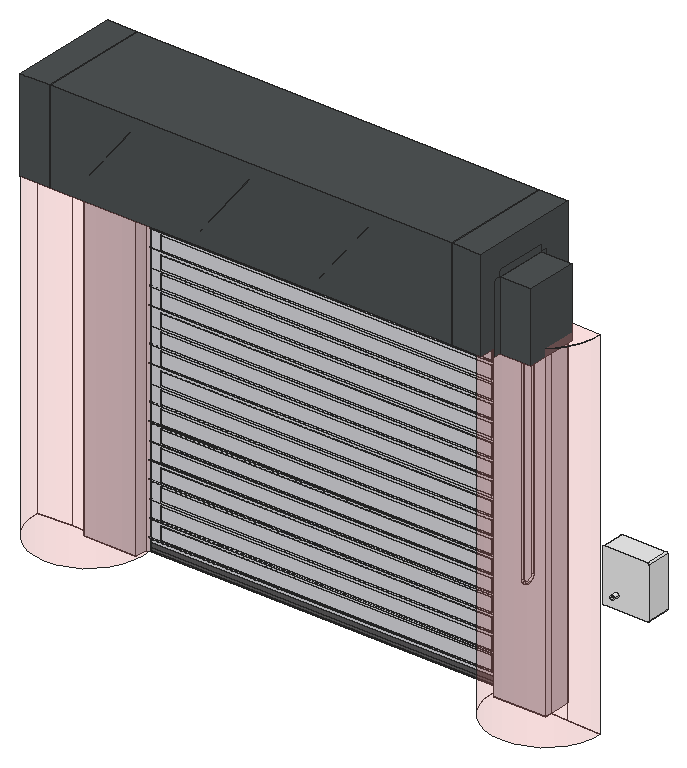
Revit family "Doors_Garage_Overhead-Door-Corporation_RapidView-High-Speed-Exterior-Metal-Door-999_new_", category Specialty Equipment, host Wall, Revit 2019
Family settings
  Host = Wall
  Round Connector Dimension = Use Diameter
  Part Type = Normal
  OmniClass Number = 23.30.10.21.34
  OmniClass Title = Industrial Doors
  Always vertical = Yes
  Cut with Voids When Loaded = No
  Shared = No
  Room Calculation Point = No
Parameters (values of type "230 volts, three phase, 60 Hz (208-245V range)")
  True Width [instance] = [Door Width (Real)]  # 10' - 0"
  True Height [instance] = [Door Height (Real)]  # 10' - 0"
  Slat Type [instance] = if(or(Slat Option < 1, Slat Option = 1), "Perforated Aluminum Slats", "Polycarbonate Panels")  # "Perforated Aluminum Slats"
  Slat Option [instance] = 1
  Slat Material = Metal - Overhead Door - Silver
  Slat Height = 0' - 5 13/16"  # constant formula
  Real Width [instance] = roundup([Door Width (Real)] / 1' 0")  # 10
  Product Page URL = "https://www.overheaddoor.com/high-speed-doors-999"
  Powder Coat (Note) = "PowderGuard® Premium powder coat options are available in approximately 200 colors as well as custom matching to specification. "  # constant formula
  Number of Slats [instance] = roundup(([Door Height (Real)] - [Bottom Rail (Width)]) / Slat Height)  # 20
  Motor Cover [instance] = yes
  Lookup Table = "Door Limits"  # constant formula
  Hood Option [instance] = yes
  Hood Material = Metal - Overhead Door - Black
  Headroom Height [instance] = if(or(Header Option < 1, Header Option = 1), 2' 8", 3' 2")  # 2' - 8"
  Header Type [instance] = if(or(Header Option < 1, Header Option = 1), "Standard Header", "Large Header")  # "Standard Header"
  Header Option [instance] = if(or(True Height < 15' 0", True Height = 15' 0"), 1, 2)  # 1
  Guide Type [instance] = if(or(Guide Option < 1, Guide Option = 1), "Wide Guide - Non-Insulated", "Slim Guide - Non-Insulated")  # "Wide Guide - Non-Insulated"
  Guide Option [instance] = 1
  External Transformer = no
  Door Width (Real) [instance] = if(Door Width > Max Door Width, Max Door Width, if(Door Width < Min Door Width, Min Door Width, Door Width))  # 10' - 0"
  Door Height (Real) [instance] = if(Door Height > Max Door Height, Max Door Height, if(Door Height < Min Door Height, Min Door Height, Door Height))  # 10' - 0"
  Rough Width [instance] = [Door Width (Real)]  # 10' - 0"
  Rough Height [instance] = [Door Height (Real)] - 0' 1 1/4"  # 9' - 10 3/4"
  Opening Width [instance] = Rough Width  # 10' - 0"
  Opening Height [instance] = Rough Height  # 9' - 10 3/4"
  Voltage = 230 V
  URL = "https://www.overheaddoor.com/"
  Product data url = "https://www.bimobject.com/overhead-door/product/high-speed-exterior-metal-door-999"
  Product Guid = "43756f85-a70e-4d2b-9fa5-82196fc7ed30"
  Power Factor = 1
  Number of Poles = 3
  Model = "999"  # constant formula
  Min Door Width [instance] = 4' - 0"  # constant formula
  Min Door Height [instance] = 2' - 0"  # constant formula
  Max Door Width [instance] = 20' - 0"  # constant formula
  Max Door Height [instance] = if(and(Slat Option > 1, Guide Option < 2), size_lookup(Lookup Table, "A", 21' 0", Real Width), if(and(Slat Option > 1, Guide Option > 1), size_lookup(Lookup Table, "B", 21' 0", Real Width), if(and(Slat Option < 2, Guide Option < 2), size_lookup(Lookup Table, "C", 21' 0", Real Width), size_lookup(Lookup Table, "D", 21' 0", Real Width))))  # 21' - 0"
  Manufacturer = "Overhead Door Corporation"  # constant formula
  Frequency = 60 Hz  # constant formula
  Wall Closure = By host
  Floor To (CL) of Shaft [instance] = if(or(Header Option < 1, Header Option = 1), Opening Height + 1' 4", Opening Height + 1' 7 161/256")  # 11' - 2 3/4"
  Dimensions Limit (Note) [instance] = "Maximum Height dependant on Width input, see specifications for further detail"  # constant formula
  Connector Description = "Rapidflex Large Control Panel"  # constant formula
  Finish Material = Metal - Overhead Door - Silver
  Door Width [instance] = 10' - 0"
  Door Height [instance] = 10' - 0"
  Description = "Sleek and sophisticated RapidView® Model 999 is a full view door featuring scratch-resistant polycarbonate panels with opening speeds up to 80” per second. Engineered for high cycles and easy operation, RapidView® Model 999 has been independently tested and is capable of wind load up to 50 psf*. The simple install and low maintenance add to the attractiveness of the door and features completely hinged guides, fully assembled curtains and pre-wired motor connection. RapidView® Model 999 is perfect for high traffic applications requiring aesthetic appeal and visibility."  # constant formula
  Current = 20 A
  Clearance [instance] = yes
  Center Stiles [instance] = if(or(True Width < 12' 6", True Width = 12' 6"), 1 = 2, 1 = 1)  # no
  Bottom Rail (Width) = 0' - 9 3/8"  # constant formula
  Backroom Depth [instance] = if(or(Header Option < 1, Header Option = 1), 3' 0 1/2", 3' 6 1/2")  # 3' - 0 1/2"
  Apparent Load Phase 3 = if(Number of Poles = 1, 0 VA, (Voltage * Current * sqrt(3)) / 3)  # 2655.81 VA
  Apparent Load Phase 2 = if(Number of Poles = 1, 0 VA, (Voltage * Current * sqrt(3)) / 3)  # 2655.81 VA
  Apparent Load Phase 1 = if(Number of Poles = 1, Voltage * Current, (Voltage * Current * sqrt(3)) / 3)  # 2655.81 VA
  Actual Number of Slats [instance] = roundup(([Door Height (Real)] - [Bottom Rail (Width)]) / Slat Height + 1)  # 21
Reference planes (in)
  plane 1 "Center (Front/Back)": y = 0
  plane 2 "Center (Left/Right)": x = 0
  plane 3 "Left": x = -60
  plane 4 "Right": x = 60
  plane 5 "Top": z = 120
  plane 6 "Exterior": y = 3
  plane 7 "Interior": y = -3
  plane 8: x = 60
  plane 9: x = -60
  plane 10: z = 118.75
  plane 11: z = 150.75
  plane 12 "Main": y = -7.11719
  plane 13: y = -39.5
  plane 14 "Bottom Rail": z = 9.375
  plane 15 "Main Door Block": y = -3
  plane 16: z = 47.47
  plane 17: z = 2.5
  plane 18: y = -7.61719
  plane 19: y = -6.61719
  plane 20 "1st Bottom Slat": z = 2.5
  plane 21: z = 79.125
  plane 22: z = 15.1875
  plane 23: z = 3.5625
  plane 24: x = -20
  plane 25: x = 20
  plane 26: x = -60
  plane 27: x = 60
Forms (in)
  Extrusion 1, solid, material "Plastic - Overhead Door - Nylon"
    sketch origin (0, 0, 0) x (0, 1, 0) y (0, 0, 1)
      loop
        line (-7.61719, 2.5) -> (-7.61719, 1.064) -> (-7.73131, 0.25198) -> (-7.93536, 0) -> (-6.29902, 0) -> (-6.50307, 0.25198) -> (-6.61719, 1.064) -> (-6.61719, 2.5) -> (-7.61719, 2.5)
    from -60 to 60
  Extrusion 2, solid, material "Metal - Overhead Door - Clear", visible <- "Center Stiles"
    sketch origin (0, -7.11719, 0) x (0, 0, -1) y (-1, 0, 0)
      loop
        line (-2.5, 21) -> (-120, 21) -> (-120, 19) -> (-2.5, 19) -> (-2.5, 21)
      loop
        line (-2.5, -19) -> (-120, -19) -> (-120, -21) -> (-2.5, -21) -> (-2.5, -19)
    from -0.692 to 0.68698
Lines and regions (in)
  Opening 1
    outline origin (-90, -3, 0) x (1, 0, 0) y (0, 0, 1)
      loop
        line (30, 0) -> (150, 0) -> (150, 118.75) -> (30, 118.75) -> (30, 0)
Text (in)
  text "Exterior" at (-74.96733, 27.31104, 0), in view "Ref. Level"
  text "Interior" at (-74.96733, -25.14366, 0), in view "Ref. Level"
  text "Exterior" at (0, 40.15149, 123.01588), in view "Right"
  text "Interior" at (0, -64.39139, 123.01588), in view "Right"
  text "Interior" at (0, -31.01599, 123.00693), in view "Left"
  text "Exterior" at (0, 54.57065, 123.00693), in view "Left"
Dimensions and locks (in)
  equal spacing: plane 3 "Left", plane 2 "Center (Left/Right)", plane 4 "Right"
  "Door Height (Real)": level to plane 5 "Top"
  "Door Width (Real)": plane 3 "Left" to plane 4 "Right"
  host wall to plane 5 "Top" = 10' - 0"
  level to host wall = 38' - 3.59655"
  "Rough Height": level to plane 10
  equal spacing: plane 9, plane 2 "Center (Left/Right)", plane 8
  "Rough Width": plane 8 to plane 9
  "Headroom Height": plane 10 to plane 11
  "Backroom Depth": plane 7 "Interior" to plane 13
  "Bottom Rail (Width)": plane 14 "Bottom Rail" to level
  plane 10 to level = 9' - 10 3/4"
  locked: plane 15 "Main Door Block" to plane 12 "Main" at 4.11719
  plane 1 "Center (Front/Back)" to plane 7 "Interior" = 0' - 3"
  equal spacing: plane 18, plane 12 "Main", plane 19
  locked: plane 18 to plane 19 at 1
  locked: Extrusion 1 sketch curve to Extrusion 1 sketch curve at 0.82  (x2)
  locked: plane 17 to Extrusion 1 sketch curve at 1.436  (x2)
  locked: plane 20 "1st Bottom Slat" to level at 2.5
  "Slat Height": plane 22 to plane 14 "Bottom Rail"
  locked: plane 23 to level at 3.5625
  plane 20 "1st Bottom Slat" to plane 23 = 0' - 1 1/16"
  equal spacing: group 1, group 2, group 3, group 4, group 5, group 6, group 7, group 8, group 9, group 10, group 11, group 12, group 13, group 14, group 15, group 16, group 17, group 18, group 19, group 20  (x3)
  locked: Extrusion 2 sketch curve to Extrusion 2 sketch curve at 2  (x2)
  equal spacing: Extrusion 2 sketch curve, plane 24, Extrusion 2 sketch curve
  equal spacing: Extrusion 2 sketch curve, plane 25, Extrusion 2 sketch curve
  equal spacing: plane 26, plane 24, plane 25, plane 27
  locked: Extrusion 1 sketch curve to Extrusion 1 sketch curve (angle 172.00°)  (x2)
  locked: Extrusion 1 sketch curve to Extrusion 1 sketch curve (angle 149.00°)  (x2)
  aligned and locked: Opening 1 sketch curve to level
  aligned and locked: plane 6 "Exterior" to host wall
  aligned and locked: host wall to plane 7 "Interior"
  aligned and locked: plane 9 to Opening 1 sketch curve
  aligned and locked: plane 8 to Opening 1 sketch curve
  aligned and locked: Opening 1 sketch curve to plane 10
  aligned and locked: Extrusion 1 to plane 4 "Right"
  aligned and locked: plane 3 "Left" to Extrusion 1
  aligned and locked: nested 1 to plane 7 "Interior"
  aligned and locked: nested 1 to plane 2 "Center (Left/Right)"
  aligned and locked: level to nested 1
  aligned and locked: plane 15 "Main Door Block" to plane 7 "Interior"
  aligned and locked: plane 17 to Extrusion 1 sketch curve
  aligned and locked: plane 18 to Extrusion 1 sketch curve
  aligned and locked: plane 19 to Extrusion 1 sketch curve
  aligned and locked: Extrusion 1 sketch curve to level
  aligned and locked: plane 12 "Main" to nested 2
  aligned and locked: nested 3 to plane 23
  aligned and locked: nested 3 to plane 12 "Main"
  aligned and locked: nested 2 to plane 14 "Bottom Rail"
  aligned and locked: nested 4 to plane 22
  aligned and locked: plane 5 "Top" to Extrusion 2 sketch curve
  aligned and locked: plane 20 "1st Bottom Slat" to Extrusion 2 sketch curve
  aligned and locked: plane 26 to plane 9
  aligned and locked: plane 27 to plane 8
  aligned and locked: plane 12 "Main" to nested 22
Automatic sketch dimensions
  Extrusion 2 sketch curve to plane 5 "Top" = 0' - 0"
  Extrusion 2 sketch curve to plane 20 "1st Bottom Slat" = 0' - 0"
Nested families (in)
  nested 1: "Lifts" at (0, -3, 0) x (-1, 0, 0) z (0, 0, 1), Header Option <- "Header Option", Guid Option <- "Guide Option", Header Height <- "Headroom Height", Header Width <- "Backroom Depth", Motor Cover <- "Motor Cover", type "Frame Unit"
    with Spool Radius 1' - 2", Right Motor Position yes, Motor Cover Off no, Motor Cover yes, Masking Region Right Motor no, Header Width 3' - 0 1/2", Header Option 1, Header Height 2' - 8", Guid Width 1' - 5 1/4", Guid Option 1, Floor To (CL) of Shaft 11' - 2 3/4", Electric Operator Position 17' - 1 1/2", Clearance (Wide Guid) yes, Clearance (Slim Guid) no, CL Shaft Offset 1' - 0"
  nested 2: "Slat" at (0, -7.11719, 15.1875) x (1, 0, 0) z (0, 0, -1), Slat Option <- "Slat Option", type "Slat"
    with Standard Slat Bottom Rail no, Standard Slat no, Slat Option 1, Polycarbonate Slat Bottom Rail no, Polycarbonate Slat no, Perforated Slat Bottom Rail no, Perforated Slat yes, Bottom Rail no
  nested 3: "Slat" at (0, -7.11719, 3.5625), Slat Option <- "Slat Option", type "Slat"
    with Standard Slat Bottom Rail no, Standard Slat no, Slat Option 1, Polycarbonate Slat Bottom Rail no, Polycarbonate Slat no, Perforated Slat Bottom Rail yes, Perforated Slat yes, Bottom Rail yes
  nested 4: "Slat" at (0, -7.11719, 21) x (1, 0, 0) z (0, 0, -1), Slat Option <- "Slat Option", type "Slat"
    with Standard Slat Bottom Rail no, Standard Slat no, Slat Option 1, Polycarbonate Slat Bottom Rail no, Polycarbonate Slat no, Perforated Slat Bottom Rail no, Perforated Slat yes, Bottom Rail no
  nested 5: "Slat" at (0, -7.11719, 26.8125) x (1, 0, 0) z (0, 0, -1), Slat Option <- "Slat Option", type "Slat"
    with Standard Slat Bottom Rail no, Standard Slat no, Slat Option 1, Polycarbonate Slat Bottom Rail no, Polycarbonate Slat no, Perforated Slat Bottom Rail no, Perforated Slat yes, Bottom Rail no
  nested 6: "Slat" at (0, -7.11719, 32.625) x (1, 0, 0) z (0, 0, -1), Slat Option <- "Slat Option", type "Slat"
    with Standard Slat Bottom Rail no, Standard Slat no, Slat Option 1, Polycarbonate Slat Bottom Rail no, Polycarbonate Slat no, Perforated Slat Bottom Rail no, Perforated Slat yes, Bottom Rail no
  nested 7: "Slat" at (0, -7.11719, 38.4375) x (1, 0, 0) z (0, 0, -1), Slat Option <- "Slat Option", type "Slat"
    with Standard Slat Bottom Rail no, Standard Slat no, Slat Option 1, Polycarbonate Slat Bottom Rail no, Polycarbonate Slat no, Perforated Slat Bottom Rail no, Perforated Slat yes, Bottom Rail no
  nested 8: "Slat" at (0, -7.11719, 44.25) x (1, 0, 0) z (0, 0, -1), Slat Option <- "Slat Option", type "Slat"
    with Standard Slat Bottom Rail no, Standard Slat no, Slat Option 1, Polycarbonate Slat Bottom Rail no, Polycarbonate Slat no, Perforated Slat Bottom Rail no, Perforated Slat yes, Bottom Rail no
  nested 9: "Slat" at (0, -7.11719, 50.0625) x (1, 0, 0) z (0, 0, -1), Slat Option <- "Slat Option", type "Slat"
    with Standard Slat Bottom Rail no, Standard Slat no, Slat Option 1, Polycarbonate Slat Bottom Rail no, Polycarbonate Slat no, Perforated Slat Bottom Rail no, Perforated Slat yes, Bottom Rail no
  nested 10: "Slat" at (0, -7.11719, 55.875) x (1, 0, 0) z (0, 0, -1), Slat Option <- "Slat Option", type "Slat"
    with Standard Slat Bottom Rail no, Standard Slat no, Slat Option 1, Polycarbonate Slat Bottom Rail no, Polycarbonate Slat no, Perforated Slat Bottom Rail no, Perforated Slat yes, Bottom Rail no
  nested 11: "Slat" at (0, -7.11719, 61.6875) x (1, 0, 0) z (0, 0, -1), Slat Option <- "Slat Option", type "Slat"
    with Standard Slat Bottom Rail no, Standard Slat no, Slat Option 1, Polycarbonate Slat Bottom Rail no, Polycarbonate Slat no, Perforated Slat Bottom Rail no, Perforated Slat yes, Bottom Rail no
  nested 12: "Slat" at (0, -7.11719, 67.5) x (1, 0, 0) z (0, 0, -1), Slat Option <- "Slat Option", type "Slat"
    with Standard Slat Bottom Rail no, Standard Slat no, Slat Option 1, Polycarbonate Slat Bottom Rail no, Polycarbonate Slat no, Perforated Slat Bottom Rail no, Perforated Slat yes, Bottom Rail no
  nested 13: "Slat" at (0, -7.11719, 73.3125) x (1, 0, 0) z (0, 0, -1), Slat Option <- "Slat Option", type "Slat"
    with Standard Slat Bottom Rail no, Standard Slat no, Slat Option 1, Polycarbonate Slat Bottom Rail no, Polycarbonate Slat no, Perforated Slat Bottom Rail no, Perforated Slat yes, Bottom Rail no
  nested 14: "Slat" at (0, -7.11719, 79.125) x (1, 0, 0) z (0, 0, -1), Slat Option <- "Slat Option", type "Slat"
    with Standard Slat Bottom Rail no, Standard Slat no, Slat Option 1, Polycarbonate Slat Bottom Rail no, Polycarbonate Slat no, Perforated Slat Bottom Rail no, Perforated Slat yes, Bottom Rail no
  nested 15: "Slat" at (0, -7.11719, 84.9375) x (1, 0, 0) z (0, 0, -1), Slat Option <- "Slat Option", type "Slat"
    with Standard Slat Bottom Rail no, Standard Slat no, Slat Option 1, Polycarbonate Slat Bottom Rail no, Polycarbonate Slat no, Perforated Slat Bottom Rail no, Perforated Slat yes, Bottom Rail no
  nested 16: "Slat" at (0, -7.11719, 90.75) x (1, 0, 0) z (0, 0, -1), Slat Option <- "Slat Option", type "Slat"
    with Standard Slat Bottom Rail no, Standard Slat no, Slat Option 1, Polycarbonate Slat Bottom Rail no, Polycarbonate Slat no, Perforated Slat Bottom Rail no, Perforated Slat yes, Bottom Rail no
  nested 17: "Slat" at (0, -7.11719, 96.5625) x (1, 0, 0) z (0, 0, -1), Slat Option <- "Slat Option", type "Slat"
    with Standard Slat Bottom Rail no, Standard Slat no, Slat Option 1, Polycarbonate Slat Bottom Rail no, Polycarbonate Slat no, Perforated Slat Bottom Rail no, Perforated Slat yes, Bottom Rail no
  nested 18: "Slat" at (0, -7.11719, 102.375) x (1, 0, 0) z (0, 0, -1), Slat Option <- "Slat Option", type "Slat"
    with Standard Slat Bottom Rail no, Standard Slat no, Slat Option 1, Polycarbonate Slat Bottom Rail no, Polycarbonate Slat no, Perforated Slat Bottom Rail no, Perforated Slat yes, Bottom Rail no
  nested 19: "Slat" at (0, -7.11719, 108.1875) x (1, 0, 0) z (0, 0, -1), Slat Option <- "Slat Option", type "Slat"
    with Standard Slat Bottom Rail no, Standard Slat no, Slat Option 1, Polycarbonate Slat Bottom Rail no, Polycarbonate Slat no, Perforated Slat Bottom Rail no, Perforated Slat yes, Bottom Rail no
  nested 20: "Slat" at (0, -7.11719, 114) x (1, 0, 0) z (0, 0, -1), Slat Option <- "Slat Option", type "Slat"
    with Standard Slat Bottom Rail no, Standard Slat no, Slat Option 1, Polycarbonate Slat Bottom Rail no, Polycarbonate Slat no, Perforated Slat Bottom Rail no, Perforated Slat yes, Bottom Rail no
  nested 21: "Slat" at (0, -7.11719, 119.8125) x (1, 0, 0) z (0, 0, -1), Slat Option <- "Slat Option", type "Slat"
    with Standard Slat Bottom Rail no, Standard Slat no, Slat Option 1, Polycarbonate Slat Bottom Rail no, Polycarbonate Slat no, Perforated Slat Bottom Rail no, Perforated Slat yes, Bottom Rail no
  nested 22: "Slat" at (0, -7.11719, 125.625) x (1, 0, 0) z (0, 0, -1), Slat Option <- "Slat Option", type "Slat"
    with Standard Slat Bottom Rail no, Standard Slat no, Slat Option 1, Polycarbonate Slat Bottom Rail no, Polycarbonate Slat no, Perforated Slat Bottom Rail no, Perforated Slat yes, Bottom Rail no
Connectors (in)
  electrical at (102.74935, -10.54, 48), driven by "Number of Poles", driven by "Voltage", driven by "Power Factor", driven by "Connector Description", driven by "Apparent Load Phase 1", driven by "Apparent Load Phase 2", driven by "Apparent Load Phase 3"
    settings: on nested 1, index 1, voltage 230 V, apparent load 0 VA, apparent load phase1 2655.81 VA, apparent load phase2 2655.81 VA, apparent load phase3 2655.81 VA, power factor 1, load classification "Other", number of poles 3, system type 31, power factor state 1, is connector primary yes, connector utility no, sub classification motor no, connector description "Rapidflex Large Control Panel"
Definition of nested family "Lifts"
  Parameters (values of type "Frame Unit")
    Spool Radius [instance] = if(or(Header Option < 1, Header Option = 1), 1' 2", 1' 5.7")  # 1' - 5.7"
    Shaft Material = none
    Right Motor Position [instance] = yes
    Opening Width = 10' - 0"
    Naked Header = not(Hood Option)  # no
    Motor Cover Off [instance] = not(Motor Cover)  # no
    Motor Cover [instance] = yes
    Masking Region Right Motor [instance] = if(and(Right Motor Position, Motor Cover Off), 1 = 1, 1 = 2)  # no
    Hood Option = yes
    Hood Material = none
    Header Width [instance] = 3' - 6 1/2"
    Header Option [instance] = 2
    Header Height [instance] = 3' - 2"
    Guid Width [instance] = if(Guid Option > 1, 1' 0.63", 1' 5 1/4")  # 1' - 5 1/4"
    Guid Option [instance] = 1
    External Transformer = no
    Electric Operator Position [instance] = if(Right Motor Position, (3' 6 3/4" * 2 + Opening Width), 0' 0")  # 17' - 1 1/2"
    Clearance (Wide Guid) [instance] = if(and(Clearance, Guid Option < 2), 1 < 2, 1 > 2)  # yes
    Clearance (Slim Guid) [instance] = if(and(Clearance, Guid Option > 1), 1 < 2, 1 > 2)  # no
    Clearance = yes
    Opening Height = 9' - 10 3/4"
    Floor To (CL) of Shaft [instance] = if(or(Header Option < 1, Header Option = 1), Opening Height + 1' 4", Opening Height + 1' 7.63")  # 11' - 6.38"
    Finish Material = none
    CL Shaft Offset [instance] = if(or(Header Option < 1, Header Option = 1), 1' 0", 1' 4.53")  # 1' - 4.53"
    Analytic Construction = "<None>"
  Reference planes (in)
    plane 1 "Center (Front/Back)": y = 0
    plane 2: z = 0
    plane 3 "Center (Left/Right)": x = 0
    plane 4 "Left": x = -60
    plane 5 "Right": x = 60
    plane 6 "Center Line of Shaft": z = 138.38
    plane 7 "Headroom Top": z = 156.75
    plane 8 "Opening Height": z = 118.75
    plane 9: x = -87.5
    plane 10 "Shaft": x = -75.54413
    plane 11 "Box": x = -102.74935
    plane 12 "EBOX": z = 48
    plane 13: z = 39.09375
    plane 14: z = 56.90625
    plane 15: z = 43.5
    plane 16: y = 16.53
    plane 17: y = 7.54
    plane 18: x = 72.81
    plane 19: y = 2.73
    plane 20: y = 5.5094
    plane 21: y = 7.25
    plane 22: z = 120
    plane 23: x = -72.81
    plane 24: x = -40
    plane 25: x = -20
    plane 26: x = 0
    plane 27: z = 122.5
    plane 28: z = 154.25
    plane 29: x = 20
    plane 30: x = 40
    plane 31: y = 42.5
    plane 32: x = 87.5
    plane 33: y = 7.28
    plane 34: x = -77.68
    plane 35: x = 77.68
    plane 36: x = 77.25
    plane 37: x = -77.25
    plane 38: x = -94.99935
    plane 39: x = -110.49935
    plane 40 "Center L/MM": x = 75.54413
    plane 41 "Center L/NN": x = 102.75065
  Forms (in)
    Extrusion 1, solid, material <- "Shaft Material"
      sketch origin (0, 0, 0) x (0, 1, 0) y (0, 0, 1)
        loop
          circle (21.25, 138.38) r 0.78
      from -87.5 to 87.5
    Extrusion 2, solid, material <- "Hood Material"
      sketch origin (60, 0, 0) x (0, -1, 0) y (0, 0, 1)
        loop
          circle (-21.25, 138.38) r 17.7
      from -6.97 to -16.504
    Extrusion 3, solid, material <- "Shaft Material"
      sketch origin (0, 0, 138.38) x (-1, 0, 0) y (0, -1, 0)
        loop
          line (-76.504, -16.61) -> (-76.745, -16.61) -> (-76.745, -23.86) -> (-76.504, -23.86) -> (-76.504, -16.61)
        loop
          line (76.504, -16.61) -> (76.504, -23.86) -> (76.745, -23.86) -> (76.745, -16.61) -> (76.504, -16.61)
      from 5.62 to -3
    Extrusion 4, solid
      sketch origin (-1.95651, 0, 0) x (1, 0, 0) y (0, 0, 1)
        loop
          line (-93.54284, 56.90625) -> (-108.04284, 56.90625)
          arc (-108.04284, 56.90625) -> (-108.39639, 56.7598) -> (-108.54284, 56.40625) r 0.5
          line (-108.54284, 56.40625) -> (-108.54284, 39.59375)
          arc (-108.54284, 39.59375) -> (-108.39639, 39.2402) -> (-108.04284, 39.09375) r 0.5
          line (-108.04284, 39.09375) -> (-93.54284, 39.09375)
          arc (-93.54284, 39.09375) -> (-93.18929, 39.2402) -> (-93.04284, 39.59375) r 0.5
          line (-93.04284, 39.59375) -> (-93.04284, 56.40625)
          arc (-93.04284, 56.40625) -> (-93.18929, 56.7598) -> (-93.54284, 56.90625) r 0.5
      from -7.54 to 0
    Revolve 5, solid, visible <- "Right Motor Position"
      sketch origin (-55.03203, -180, 43.5) x (-1, 0, 0) y (0, -1, 0)
        loop
          line (44.35732, -187.54) -> (43.60732, -187.54) -> (43.75732, -189.312) -> (44.35732, -189.312) -> (44.35732, -187.54)
        axis (44.35732, -187.54) -> (44.35732, -189.312)
      angle from 0 to 360
    Extrusion 6, solid, material <- "Finish Material"
      sketch origin (0, 0, 0) x (1, 0, 0) y (0, 1, 0)
        loop
          line (60, 0) -> (77.25, 0) -> (77.25, 9.5) -> (60, 9.5) -> (60, 5.5094) -> (59, 4.80919) -> (59, 3.43021) -> (60, 2.73) -> (60, 0)
        loop
          line (-77.25, 0) -> (-60, 0) -> (-60, 2.73) -> (-59, 3.43021) -> (-59, 4.80919) -> (-60, 5.5094) -> (-60, 9.5) -> (-77.25, 9.5) -> (-77.25, 0)
      from 0 to 120
    Extrusion 7, solid, visible <- "Clearance (Slim Guid)"
      sketch origin (0, 0, 0) x (1, 0, 0) y (0, 1, 0)
        loop
          line (59.00502, 4.81271) -> (60, 5.5094) -> (60, 9.5) -> (72.625, 9.5) -> (72.625, 7.25) -> (72.86879, 7.25) -> (85.75065, 7.92511)
          arc (85.75065, 7.92511) -> (70.70003, 20.78662) -> (59.00502, 4.81271) r 13.50118
        loop
          arc (-59.00502, 4.81271) -> (-70.69873, 20.79785) -> (-85.75065, 7.92511) r 13.50197
          line (-85.75065, 7.92511) -> (-72.86879, 7.25) -> (-72.625, 7.25) -> (-72.625, 9.5) -> (-60, 9.5) -> (-60, 5.5094) -> (-59.00502, 4.81271)
      from 0 to 120
    Extrusion 8, solid, material <- "Hood Material", visible <- "Hood Option"
      sketch origin (0, 0, 0) x (0, 1, 0) y (0, 0, 1)
        loop
          line (0, 120) -> (42.5, 120) -> (42.5, 156.75) -> (0, 156.75) -> (0, 120)
      from -67.475 to 67.475
    Sweep 9, solid, material <- "Hood Material"
      path origin (0, 0, 0) x (0, 1, 0) y (0, 0, 1)
        loop
          line (0, 120) -> (42.5, 120) -> (42.5, 156.75) -> (0, 156.75) -> (0, 120)
      profile origin (0, 0, 138.375) x (0, -1, 0) y (1, 0, 0)
        loop
          line (0, 67.475) -> (0, 77.25) -> (-0.5, 77.25) -> (-0.5, 67.475) -> (0, 67.475)
        loop
          line (0, -67.475) -> (-0.5, -67.475) -> (-0.5, -77.25) -> (0, -77.25) -> (0, -67.475)
    Extrusion 10, solid, material <- "Hood Material"
      sketch origin (0, 0, 0) x (1, 0, 0) y (0, 1, 0)
        loop
          line (77.25, 0) -> (77.25, 42.5) -> (76.745, 42.5) -> (76.745, 0) -> (77.25, 0)
        loop
          line (-77.25, 0) -> (-76.745, 0) -> (-76.745, 42.5) -> (-77.25, 42.5) -> (-77.25, 0)
      from 120 to 156.75
    Extrusion 11, solid, material <- "Hood Material"
      sketch origin (0, 0, 0) x (0, 1, 0) y (0, 0, 1)
        loop
          line (0.5, 120.5) -> (2.5, 120.5) -> (2.5, 124.5) -> (0.5, 124.5) -> (0.5, 120.5)
        loop
          line (0.5, 156.25) -> (0.5, 152.25) -> (2.5, 152.25) -> (2.5, 156.25) -> (0.5, 156.25)
        loop
          line (42, 156.25) -> (40, 156.25) -> (40, 152.25) -> (42, 152.25) -> (42, 156.25)
        loop
          line (42, 120.5) -> (42, 124.5) -> (40, 124.5) -> (40, 120.5) -> (42, 120.5)
      from -76.745 to 76.745
    Sweep 12, solid, material <- "Hood Material"
      path origin (0, 0, 0) x (1, 0, 0) y (0, 0, 1)
        loop
          line (-60, 121.5) -> (-60, 122.5) -> (-40, 154.25) -> (-20, 122.5) -> (0, 154.25) -> (20, 122.5) -> (40, 154.25) -> (60, 122.5) -> (60, 121.5)
      profile origin (-60, 0, 122) x (-1, 0, 0) y (0, -1, 0)
        loop
          line (1, -0.5) -> (-1, -0.5) -> (-1, -2.5) -> (1, -2.5) -> (1, -0.5)
        loop
          line (1, -40) -> (-1, -40) -> (-1, -42) -> (1, -42) -> (1, -40)
    Extrusion 13, void
      sketch origin (0, 0, 0) x (1, 0, 0) y (0, 0, 1)
        loop
          line (-78.35432, 152.25) -> (80.245, 152.25) -> (80.245, 186.25) -> (-78.35432, 186.25) -> (-78.35432, 152.25)
        loop
          line (80.245, 105.5) -> (80.245, 124.5) -> (-78.35432, 124.5) -> (-78.35432, 105.5) -> (80.245, 105.5)
      from 0 to -42.5
    Extrusion 14, solid, visible <- "Clearance (Wide Guid)"
      sketch origin (0, 0.03, 0) x (1, 0, 0) y (0, 1, 0)
        loop
          arc (-59, 4.77919) -> (-74.94522, 26.56962) -> (-94.4, 7.84572) r 17.92829
          line (-94.4, 7.84572) -> (-83.03307, 7.25) -> (-77.495, 7.25) -> (-77.495, 9.5) -> (-60, 9.5) -> (-60, 5.4794) -> (-59, 4.77919)
        loop
          line (59, 4.77919) -> (60, 5.4794) -> (60, 9.5) -> (77.495, 9.5) -> (77.495, 7.25) -> (83.03307, 7.25) -> (94.4, 7.84572)
          arc (94.4, 7.84572) -> (74.94522, 26.56962) -> (59, 4.77919) r 17.92829
      from 0 to 120
    Extrusion 15, solid, material <- "Hood Material"
      sketch origin (-60, -60, 48) x (0, -1, 0) y (0, 0, 1)
        loop
          circle (-81.25, 90.38) r 17.7
      from 6.97 to 16.504
    Extrusion 16, solid, visible <- "External Transformer"
      sketch origin (0, 0, 48) x (1, 0, 0) y (0, 1, 0)
        loop
          line (-109.62435, 0) -> (-95.87435, 0) -> (-95.87435, 0.125) -> (-98.24935, 0.125) -> (-98.24935, 9.3125) -> (-107.24935, 9.3125) -> (-107.24935, 0.125) -> (-109.62435, 0.125) -> (-109.62435, 0)
      from -19.13 to -10
  Cuts and joins
    joined: Sweep 9, Extrusion 10
    Extrusion 13 cuts Sweep 12
  Lines and regions (in)
    Masking region 1
      outline origin (0, 0, 0) x (1, 0, 0) y (0, 1, 0)
        loop
          line (-110.49935, 0) -> (-94.99935, 0) -> (-94.99935, 7.54) -> (-110.49935, 7.54) -> (-110.49935, 0)
    Masking region 2, visible <- "Right Motor Position"
      outline origin (0, 0, 0) x (1, 0, 0) y (0, 1, 0)
        loop
          line (-98.63935, 7.54) -> (-98.78935, 9.312) -> (-99.98935, 9.312) -> (-100.13935, 7.54) -> (-98.63935, 7.54)
    Masking region 3, visible <- "Naked Header"
      outline origin (0, 0, 0) x (1, 0, 0) y (0, 1, 0)
        loop
          line (-77.25, 42.5) -> (-77.25, 0) -> (-67.475, 0) -> (-67.475, 3.55) -> (-66.97, 3.55) -> (-66.97, 38.95) -> (-67.475, 38.95) -> (-67.475, 42.5) -> (-77.25, 42.5)
        loop
          line (67.475, 42.5) -> (67.475, 38.95) -> (66.97, 38.95) -> (66.97, 3.55) -> (67.475, 3.55) -> (67.475, 0) -> (77.25, 0) -> (77.25, 42.5) -> (67.475, 42.5)
    Masking region 4, visible <- "Naked Header"
      outline origin (0, 0, 0) x (1, 0, 0) y (0, 1, 0)
        loop
          line (67.475, 2.5) -> (-67.475, 2.5) -> (-67.475, 0.5) -> (67.475, 0.5) -> (67.475, 2.5)
        loop
          line (-66.97, 22.03) -> (-66.97, 20.47) -> (66.97, 20.47) -> (66.97, 22.03) -> (-66.97, 22.03)
        loop
          line (-67.475, 40) -> (67.475, 40) -> (67.475, 42) -> (-67.475, 42) -> (-67.475, 40)
    Masking region 5, visible <- "Naked Header"
      outline origin (0, 0, 0) x (1, 0, 0) y (0, 1, 0)
        loop
          line (-77.25, 9.5) -> (-77.25, 0) -> (-60, 0) -> (-60, 2.73) -> (-59, 3.43021) -> (-59, 4.80919) -> (-60, 5.5094) -> (-60, 9.5) -> (-77.25, 9.5)
        loop
          line (60, 0) -> (77.25, 0) -> (77.25, 9.5) -> (60, 9.5) -> (60, 5.5094) -> (59, 4.80919) -> (59, 3.43021) -> (60, 2.73) -> (60, 0)
    Masking region 6, visible <- "Hood Option"
      outline origin (0, 0, 0) x (1, 0, 0) y (0, 1, 0)
        loop
          line (77.25, 42.5) -> (-77.25, 42.5) -> (-77.25, 0) -> (77.25, 0) -> (77.25, 42.5)
    Masking region 7, visible <- "Naked Header"
      outline origin (0, 0, 0) x (1, 0, 0) y (0, 1, 0)
        loop
          line (-59.1721, 4.9297) -> (-59, 4.80919) -> (-59, 3.43021) -> (-59.1721, 3.3097) -> (59.1721, 3.3097) -> (59, 3.43021) -> (59, 4.80919) -> (59.1721, 4.9297) -> (-59.1721, 4.9297)
    Masking region 8, visible <- "Masking Region Right Motor"
      outline origin (0, 0, 0) x (1, 0, 0) y (0, 1, 0)
        loop
          line (-77.25, 22.03) -> (-79.18006, 22.03) -> (-79.18006, 21.92998) -> (-80.41413, 21.92998) -> (-80.41413, 22.03) -> (-81.009, 22.03) -> (-81.009, 21.43043) -> (-80.479, 21.43043) -> (-80.479, 20.47) -> (-77.25, 20.47) -> (-77.25, 22.03)
        loop
          line (-87.5, 22.03) -> (-87.5, 20.47) -> (-85.479, 20.47) -> (-85.479, 21.43043) -> (-84.949, 21.43043) -> (-84.949, 22.03) -> (-87.5, 22.03)
    Masking region 9, visible <- "Right Motor Position"
      outline origin (0, 0, 0) x (1, 0, 0) y (0, 1, 0)
        loop
          line (87.5, 22.03) -> (77.25, 22.03) -> (77.25, 20.47) -> (87.5, 20.47) -> (87.5, 22.03)
    Masking region 10, visible <- "External Transformer"
      outline origin (0, 0, 0) x (1, 0, 0) y (0, 1, 0)
        loop
          line (-107.24935, 7.54) -> (-98.24935, 7.54) -> (-98.24935, 9.3125) -> (-107.24935, 9.3125) -> (-107.24935, 7.54)
    symbolic lines
      curve 1: line (-67.475, 42.5, 0) -> (-67.475, 0, 0)
      curve 2: line (67.475, 0, 0) -> (67.475, 42.5, 0)
  Dimensions and locks (in)
    equal spacing: plane 4 "Left", plane 3 "Center (Left/Right)", plane 5 "Right"
    "Opening Width": plane 4 "Left" to plane 5 "Right"
    "Header Height": plane 7 "Headroom Top" to plane 8 "Opening Height"
    "Opening Height": plane 8 "Opening Height" to level
    locked: plane 9 to plane 4 "Left" at 27.5
    locked: Extrusion 3 sketch curve to Extrusion 3 sketch curve at 0.241  (x2)
    locked: level to plane 12 "EBOX" at 48
    locked: plane 11 "Box" to Revolve 5 sketch curve at 3.36
    equal spacing: plane 14, plane 12 "EBOX", plane 13
    locked: plane 12 "EBOX" to plane 15 at 4.5
    locked: plane 13 to plane 14 at 17.8125
    locked: plane 10 "Shaft" to plane 4 "Left" at 15.54413
    locked: plane 16 to Extrusion 1 sketch curve at 4.72
    locked: plane 16 to Extrusion 2 sketch curve at 4.72
    locked: plane 16 to Extrusion 3 sketch curve at 0.08  (x2)
    locked: plane 16 to Extrusion 3 sketch curve at 7.33  (x2)
    locked: plane 17 to plane 1 "Center (Front/Back)" at 7.54
    locked: Revolve 5 sketch curve to Revolve 5 sketch curve at 0.6
    locked: Revolve 5 sketch curve to Revolve 5 sketch curve at 0.75
    locked: plane 17 to Revolve 5 sketch curve at 1.772
    "Guid Width": Extrusion 6 sketch curve to plane 4 "Left"
    "Guid Width": plane 5 "Right" to Extrusion 6 sketch curve
    locked: plane 1 "Center (Front/Back)" to plane 19 at 2.73
    locked: plane 1 "Center (Front/Back)" to plane 20 at 5.5094
    locked: Extrusion 6 sketch curve to plane 5 "Right" at 1
    locked: plane 4 "Left" to Extrusion 6 sketch curve at 1
    locked: plane 1 "Center (Front/Back)" to Extrusion 6 sketch curve at 9.5  (x2)
    locked: plane 21 to Extrusion 7 sketch curve at 2.25  (x2)
    locked: plane 1 "Center (Front/Back)" to plane 21 at 7.25
    "Header Width": plane 1 "Center (Front/Back)" to Extrusion 8 sketch curve
    locked: Extrusion 8 to plane 4 "Left" at 7.475
    locked: plane 5 "Right" to Extrusion 8 at 7.475
    locked: plane 22 to plane 8 "Opening Height" at 1.25
    "Header Width": plane 1 "Center (Front/Back)" to Sweep 9 sketch curve
    locked: plane 5 "Right" to Sweep 9 sketch curve at 7.475
    locked: Sweep 9 sketch curve to profile plane at 0.5
    "Header Width": plane 1 "Center (Front/Back)" to Extrusion 10 sketch curve  (x2)
    locked: Extrusion 7 sketch curve to plane 18 at 0.185
    locked: plane 23 to Extrusion 7 sketch curve at 0.185
    locked: Sweep 12 sketch curve to Sweep 12 sketch curve at 1  (x2)
    equal spacing: plane 4 "Left", plane 24, plane 25, plane 26, plane 29, plane 30, plane 5 "Right"
    locked: profile plane to Sweep 12 sketch curve at 1
    locked: profile plane to Sweep 12 sketch curve at 0.5
    locked: profile plane to Sweep 12 sketch curve at 2.5
    locked: plane 4 "Left" to Sweep 12 sketch curve at 1
    locked: plane 7 "Headroom Top" to plane 28 at 2.5
    equal spacing: Sweep 12 sketch curve, plane 4 "Left", Sweep 12 sketch curve
    equal spacing: Sweep 12 sketch curve, profile plane, Sweep 12 sketch curve
    locked: Masking region 3 sketch curve to Masking region 3 sketch curve at 0.505  (x2)
    locked: Masking region 4 sketch curve to plane 4 "Left" at 6.97
    locked: Masking region 4 sketch curve to plane 4 "Left" at 7.475
    locked: plane 5 "Right" to Masking region 4 sketch curve at 7.475
    locked: plane 27 to plane 8 "Opening Height" at 3.75
    locked: plane 7 "Headroom Top" to Extrusion 13 sketch curve at 4.5
    locked: Extrusion 13 sketch curve to plane 8 "Opening Height" at 5.75
    locked: Extrusion 11 to Extrusion 13 sketch curve at 19
    locked: Extrusion 13 sketch curve to Extrusion 11 at 34
    "Header Width": plane 1 "Center (Front/Back)" to plane 31
    locked: Extrusion 11 sketch curve to plane 31 at 2.5
    locked: Extrusion 11 sketch curve to plane 31 at 0.5
    locked: Sweep 12 sketch curve to plane 31 at 2.5
    locked: plane 31 to Sweep 12 sketch curve at 0.5
    "Floor To (CL) of Shaft": plane 6 "Center Line of Shaft" to level
    "CL Shaft Offset": plane 1 "Center (Front/Back)" to plane 16
    locked: plane 5 "Right" to plane 32 at 27.5
    locked: plane 33 to Extrusion 14 sketch curve at 2.25  (x2)
    locked: plane 1 "Center (Front/Back)" to plane 33 at 7.28  (x2)
    locked: plane 34 to Extrusion 14 sketch curve at 0.185
    locked: plane 4 "Left" to Extrusion 14 sketch curve at 1
    locked: plane 33 to Extrusion 14 sketch curve at 1.45822  (x2)
    locked: plane 34 to Extrusion 14 sketch curve at 1.18753
    locked: plane 35 to Extrusion 14 sketch curve at 0.185
    locked: plane 35 to Extrusion 14 sketch curve at 1.18753
    locked: Extrusion 14 sketch curve to plane 5 "Right" at 1
    locked: Extrusion 14 sketch curve to plane 34 at 5.35307
    locked: plane 35 to Extrusion 14 sketch curve at 5.35307
    locked: plane 18 to Extrusion 7 sketch curve at 12.94065
    locked: Extrusion 7 sketch curve to plane 18 at 13.80498
    locked: Extrusion 7 sketch curve to plane 18 at 0.54936
    locked: plane 21 to Extrusion 7 sketch curve at 0.12594
    locked: plane 21 to Extrusion 7 sketch curve at 0.13638
    locked: plane 23 to Extrusion 7 sketch curve at 0.55057
    locked: Extrusion 7 sketch curve to plane 23 at 12.94065
    locked: plane 5 "Right" to plane 18 at 12.81
    locked: plane 23 to plane 4 "Left" at 12.81
    locked: plane 23 to Extrusion 7 sketch curve at 13.80498
    locked: plane 34 to plane 4 "Left" at 17.68
    locked: plane 5 "Right" to plane 35 at 17.68
    locked: Extrusion 14 sketch curve to plane 34 at 16.72
    locked: plane 35 to Extrusion 14 sketch curve at 16.72
    locked: plane 5 "Right" to Masking region 4 sketch curve at 6.97
    locked: plane 37 to nested 1 at 5.729
    "Guid Width": plane 4 "Left" to plane 37
    "Guid Width": plane 5 "Right" to plane 36
    locked: Extrusion 10 sketch curve to plane 36 at 0.505
    locked: plane 37 to Extrusion 10 sketch curve at 0.505
    locked: Sweep 9 sketch curve to plane 4 "Left" at 7.475
    locked: plane 36 to Extrusion 11 at 0.505
    locked: Extrusion 11 to plane 37 at 0.505
    locked: plane 37 to Extrusion 3 sketch curve at 0.746
    locked: Extrusion 3 sketch curve to plane 36 at 0.746
    locked: Extrusion 2 to plane 36 at 0.746
    locked: plane 37 to Extrusion 15 at 0.746
    locked: plane 11 "Box" to plane 39 at 7.75
    locked: plane 38 to plane 11 "Box" at 7.75
    locked: Masking region 8 sketch curve to Masking region 8 sketch curve at 1.56
    locked: Masking region 8 sketch curve to Masking region 8 sketch curve at 0.10002
    locked: Masking region 8 sketch curve to plane 37 at 1.93006
    locked: Masking region 8 sketch curve to plane 37 at 3.16413
    locked: Masking region 8 sketch curve to plane 37 at 3.229
    locked: Masking region 8 sketch curve to plane 37 at 3.759
    locked: Masking region 8 sketch curve to plane 37 at 7.699
    locked: Masking region 8 sketch curve to plane 37 at 8.229
    locked: Masking region 8 sketch curve to Masking region 8 sketch curve at 0.59957
    locked: Masking region 9 sketch curve to Masking region 9 sketch curve at 1.56
    locked: plane 1 "Center (Front/Back)" to Extrusion 16 sketch curve at 0.125
    locked: plane 11 "Box" to Extrusion 16 sketch curve at 4.5
    locked: Extrusion 16 sketch curve to plane 11 "Box" at 4.5
    locked: Extrusion 16 sketch curve to plane 11 "Box" at 6.875
    locked: plane 11 "Box" to Extrusion 16 sketch curve at 6.875
    plane 1 "Center (Front/Back)" to Extrusion 16 sketch curve = 0' - 9 5/16"
    locked: Masking region 4 sketch curve to Masking region 4 sketch curve at 2  (x2)
    locked: Masking region 4 sketch curve to Masking region 4 sketch curve at 1.56
    locked: plane 40 "Center L/MM" to plane 5 "Right" at 15.54413
    locked: plane 40 "Center L/MM" to plane 41 "Center L/NN" at 27.20651
    equal spacing: Masking region 1 sketch curve, plane 11 "Box", Masking region 1 sketch curve
    locked: Masking region 1 sketch curve to Masking region 1 sketch curve at 15.5
    "Electric Operator Position": plane 41 "Center L/NN" to plane 11 "Box"
    locked: Extrusion 1 sketch curve to Extrusion 1 sketch curve (radius 0' - 0.78")
    "Spool Radius": radius of Extrusion 2 sketch curve
    locked: Extrusion 14 sketch curve to Extrusion 14 sketch curve (radius 1' - 5.92829")  (x2)
    locked: Extrusion 7 sketch curve to Extrusion 7 sketch curve (radius 1' - 1.50118")
    locked: Extrusion 7 sketch curve to Extrusion 7 sketch curve (radius 1' - 1.50197")
    "Spool Radius": radius of Extrusion 15 sketch curve
    locked: Extrusion 6 sketch curve to plane 20 (angle 35.00°)
    locked: plane 19 to Extrusion 6 sketch curve (angle 35.00°)
    locked: plane 20 to Extrusion 6 sketch curve (angle 35.00°)
    locked: Extrusion 6 sketch curve to plane 19 (angle 35.00°)
    locked: plane 18 to Extrusion 7 sketch curve (angle 93.00°)
    locked: Extrusion 7 sketch curve to plane 23 (angle 93.00°)
    locked: Revolve 5 to Masking region 2 sketch curve (angle 85.1614°)
    locked: Masking region 2 sketch curve to Revolve 5 (angle 85.1614°)
    locked: Extrusion 14 sketch curve to plane 34 (angle 93.00°)
    locked: plane 35 to Extrusion 14 sketch curve (angle 93.00°)
    aligned and locked: plane 2 to level
    aligned and locked: plane 6 "Center Line of Shaft" to Extrusion 1 sketch curve
    aligned and locked: plane 9 to Extrusion 1
    aligned and locked: Extrusion 4 to plane 1 "Center (Front/Back)"
    aligned and locked: Extrusion 4 sketch curve to plane 13
    aligned and locked: plane 14 to Extrusion 4 sketch curve
    aligned and locked: plane 16 to nested 1
    aligned and locked: Revolve 5 sketch curve to Revolve 5 sketch curve
    aligned and locked: Revolve 5 sketch curve to plane 17
    aligned and locked: Extrusion 6 sketch curve to plane 1 "Center (Front/Back)"
    aligned and locked: Extrusion 6 sketch curve to plane 19  (x2)
    aligned and locked: Extrusion 6 sketch curve to plane 20  (x2)
    aligned and locked: plane 21 to Extrusion 7 sketch curve
    aligned and locked: Extrusion 7 sketch curve to Extrusion 6
    aligned and locked: plane 1 "Center (Front/Back)" to Extrusion 8 sketch curve
    aligned and locked: Extrusion 8 sketch curve to plane 7 "Headroom Top"
    aligned and locked: Extrusion 8 to plane 22
    aligned and locked: plane 22 to Extrusion 8 sketch curve
    aligned and locked: plane 22 to Extrusion 7
    aligned and locked: plane 22 to Extrusion 6
    aligned and locked: plane 1 "Center (Front/Back)" to Sweep 9 sketch curve
    aligned and locked: Sweep 9 sketch curve to plane 7 "Headroom Top"
    aligned and locked: Sweep 9 sketch curve to plane 22
    aligned and locked: Sweep 9 sketch curve to profile plane
    aligned and locked: profile plane to Sweep 9 sketch curve
    aligned and locked: Sweep 9 sketch curve to Sweep 9 sketch curve
    aligned and locked: Extrusion 10 sketch curve to plane 1 "Center (Front/Back)"  (x2)
    aligned and locked: plane 7 "Headroom Top" to Extrusion 10
    aligned and locked: Extrusion 10 to plane 22
    aligned and locked: plane 27 to Sweep 12 sketch curve  (x4)
    aligned and locked: plane 4 "Left" to Sweep 12 sketch curve
    aligned and locked: Sweep 12 sketch curve to plane 5 "Right"
    aligned and locked: plane 24 to Sweep 12 sketch curve
    aligned and locked: Sweep 12 sketch curve to plane 25
    aligned and locked: plane 26 to Sweep 12 sketch curve
    aligned and locked: plane 29 to Sweep 12 sketch curve
    aligned and locked: plane 30 to Sweep 12 sketch curve
    aligned and locked: Extrusion 4 to Masking region 1 sketch curve
    aligned and locked: Masking region 1 sketch curve to Extrusion 4
    aligned and locked: Masking region 2 sketch curve to Revolve 5  (x2)
    aligned and locked: curve 1 to Extrusion 8  (x2)
    aligned and locked: curve 2 to Extrusion 8
    aligned and locked: Masking region 3 sketch curve to cut or joined group of Sweep 9, Extrusion 10  (x7)
    aligned and locked: Masking region 3 sketch curve to Extrusion 6
    aligned and locked: Extrusion 2 to Masking region 3 sketch curve
    aligned and locked: Masking region 4 sketch curve to Masking region 4 sketch curve  (x2)
    aligned and locked: Masking region 6 sketch curve to Extrusion 8
    aligned and locked: Extrusion 8 to curve 2
    aligned and locked: Masking region 3 sketch curve to Masking region 3 sketch curve  (x2)
    aligned and locked: Masking region 5 to Masking region 7 sketch curve  (x2)
    aligned and locked: Masking region 7 sketch curve to Masking region 5  (x4)
    aligned and locked: plane 28 to Sweep 12 sketch curve  (x3)
    aligned and locked: Extrusion 13 to plane 31
    aligned and locked: Extrusion 11 sketch curve to Extrusion 11 sketch curve  (x2)
    aligned and locked: Extrusion 14 sketch curve to Extrusion 6
    aligned and locked: plane 22 to Extrusion 14
    aligned and locked: plane 33 to Extrusion 14 sketch curve  (x2)
    aligned and locked: Extrusion 1 to plane 32
    aligned and locked: Masking region 6 to cut or joined group of Sweep 9, Extrusion 10
    aligned and locked: Extrusion 10 sketch curve to plane 37
    aligned and locked: Extrusion 10 sketch curve to plane 36
    aligned and locked: plane 37 to Sweep 9 sketch curve
    aligned and locked: plane 36 to Sweep 9 sketch curve
    aligned and locked: Masking region 6 sketch curve to plane 37
    aligned and locked: plane 36 to Masking region 6 sketch curve
    aligned and locked: Masking region 6 sketch curve to plane 31
    aligned and locked: plane 38 to Extrusion 4 sketch curve
    aligned and locked: plane 39 to Extrusion 4 sketch curve
    aligned and locked: Masking region 8 sketch curve to Masking region 8 sketch curve  (x4)
    aligned and locked: Masking region 8 sketch curve to plane 37
    aligned and locked: Masking region 8 sketch curve to plane 9
    aligned and locked: Masking region 8 sketch curve to Extrusion 1
    aligned and locked: plane 32 to Masking region 9 sketch curve
    aligned and locked: plane 36 to Masking region 9 sketch curve
    aligned and locked: Masking region 9 sketch curve to Extrusion 1
    aligned and locked: Extrusion 16 sketch curve to plane 1 "Center (Front/Back)"
    aligned and locked: Extrusion 16 sketch curve to Extrusion 16 sketch curve
    aligned and locked: Masking region 10 sketch curve to Extrusion 4
    aligned and locked: Masking region 10 sketch curve to Extrusion 16  (x2)
    aligned and locked: Extrusion 16 to Masking region 10 sketch curve
    aligned and locked: Masking region 3 sketch curve to Extrusion 15  (x2)
    aligned and locked: Masking region 5 sketch curve to Extrusion 6  (x12)
    aligned and locked: Masking region 5 sketch curve to Masking region 5 sketch curve
    aligned and locked: Masking region 4 sketch curve to Extrusion 11  (x2)
    aligned and locked: Extrusion 1 to Masking region 4 sketch curve
    aligned and locked: Masking region 5 sketch curve to plane 1 "Center (Front/Back)"
    aligned and locked: plane 4 "Left" to Masking region 5 sketch curve  (x2)
    aligned and locked: Masking region 5 sketch curve to plane 37
    aligned and locked: Masking region 5 sketch curve to plane 36
    aligned and locked: plane 5 "Right" to Masking region 5 sketch curve  (x2)
  Automatic sketch dimensions
    plane 31 to curve 2 = 0' - 0"
    plane 31 to curve 1 = 0' - 0"
    Extrusion 2 sketch curve to plane 6 "Center Line of Shaft" = 0' - 0"
    Extrusion 4 sketch curve to Extrusion 4 sketch curve = 0' - 0 1/2"
    Extrusion 4 sketch curve to plane 14 = 0' - 0 1/2"
    Extrusion 4 sketch curve to plane 38 = 0' - 0 1/2"  (x2)
    Revolve 5 sketch curve to plane 16 = 0' - 2.35505"
    Revolve 5 sketch curve to plane 1 "Center (Front/Back)" = 0' - 3.07036"
    Extrusion 7 sketch curve to plane 21 = 0' - 0"
    Extrusion 7 sketch curve to plane 4 "Left" = 0' - 0"
    Extrusion 7 sketch curve to plane 5 "Right" = 0' - 0"
    Extrusion 7 sketch curve to Extrusion 7 sketch curve = 0' - 0.69669"
    Extrusion 11 sketch curve to plane 1 "Center (Front/Back)" = 0' - 2 1/2"  (x2)
    Extrusion 11 sketch curve to plane 1 "Center (Front/Back)" = 0' - 0 1/2"  (x2)
    plane 22 to Extrusion 11 sketch curve = 0' - 0 1/2"  (x2)
    Extrusion 11 sketch curve to Extrusion 11 sketch curve = 0' - 4"  (x2)
    Extrusion 11 sketch curve to plane 7 "Headroom Top" = 0' - 4 1/2"  (x2)
    Extrusion 11 sketch curve to plane 7 "Headroom Top" = 0' - 0 1/2"  (x2)
    plane 11 "Box" to Masking region 2 sketch curve = 0' - 2.61"
    Masking region 2 sketch curve to Masking region 2 sketch curve = 0' - 1.2"
    Masking region 3 sketch curve to Masking region 3 sketch curve = 0' - 0.505"
    Masking region 7 sketch curve to Masking region 7 sketch curve = 0' - 0.1721"  (x2)
    Extrusion 13 sketch curve to plane 37 = 0' - 1.10432"  (x2)
    plane 36 to Extrusion 13 sketch curve = 0' - 2.995"  (x2)
    Extrusion 14 sketch curve to plane 4 "Left" = 0' - 0"
    Extrusion 14 sketch curve to plane 5 "Right" = 0' - 0"
    Extrusion 14 sketch curve to Extrusion 14 sketch curve = 0' - 0.70021"
    Extrusion 15 sketch curve to plane 6 "Center Line of Shaft" = 0' - 0"
    Extrusion 15 sketch curve to plane 16 = 0' - 4.72"
    Extrusion 6 sketch curve to plane 1 "Center (Front/Back)" = 0' - 0"
    Extrusion 6 sketch curve to plane 4 "Left" = 0' - 0"  (x2)
    Extrusion 6 sketch curve to plane 5 "Right" = 0' - 0"  (x2)
  Nested families (in)
    nested 1: "General Motor" at (-82.979, 16.53, 138.38), visible <- "Right Motor Position", Motor Cover <- "Motor Cover", type "Family2"
      with Motor Cover Off no, Motor Cover yes
  Definition of nested family "General Motor"
    Parameters (values of type "Family2")
      Shaft Material = none
      Opening Height = 9' - 10 3/4"
      Motor Cover Off [instance] = not(Motor Cover)  # no
      Motor Cover [instance] = yes
      Hood Material = none
      Finish Material = none
      Default Elevation = 4' - 0"
      Chain Length = CL of Shaft - 4' 0" - 1' 7.31"  # 5' - 11.07"
      CL of Shaft = 11' - 6.38"
      Amount of Panels = 5
    Reference planes (in)
      plane 1 "Center (Front/Back)": y = 0
      plane 2: z = 0
      plane 3 "Center (Left/Right)": x = 0
      plane 4: z = 5.335
      plane 5: z = -18.546
      plane 6: z = -17.165
      plane 7: z = -19.311
      plane 8: z = -90.381
      plane 9: x = 5.729
      plane 10: z = -5.699
    Forms (in)
      Revolve 1, solid, material <- "Shaft Material"
        sketch origin (0, 0, -153.29) x (0, 0, -1) y (0, -1, 0)
          loop
            line (-158.625, -8.066) -> (-134.744, -8.066) -> (-134.744, -6.99312) -> (-136.091, -6.365) -> (-138.289, -6.365) -> (-138.289, -5.714) -> (-140.769, -5.586) -> (-142.108, -5.519) -> (-146.951, -5.519) -> (-148.093, -5.704) -> (-148.349, -5.704) -> (-156.66, -5.468) -> (-158.625, -5.468) -> (-158.625, -8.066)
          axis (-134.744, -8.066) -> (-158.625, -8.066)
        angle from 0 to 360
      Extrusion 2, solid, material <- "Shaft Material"
        sketch origin (0, 0, -153.29) x (0, 0, -1) y (0, -1, 0)
          loop
            line (-142.108, -13.875) -> (-142.108, -7.875) -> (-146.951, -7.875) -> (-146.951, -13.875) -> (-142.108, -13.875)
        from -2.5 to 2.5
      Extrusion 3, solid
        sketch origin (51.311, 0, 0) x (-1, 0, 0) y (0, -1, 0)
          loop
            line (45.582, -1.755) -> (45.582, -3.496) -> (45.832, -3.496) -> (45.832, -1.82199) -> (46.73959, -0.25) -> (52.45925, -0.25) -> (52.45925, 0) -> (46.59525, 0) -> (45.582, -1.755)
        from -4.56 to 4.56
      Extrusion 4, void
        sketch origin (51.311, 0, -153.29) x (1, 0, 0) y (0, 0, 1)
          loop
            line (-48.772, 148.73) -> (-52.45925, 148.73) -> (-52.45925, 149.98) -> (-50.72525, 149.98) -> (-50.72525, 156.6) -> (-52.45925, 156.6) -> (-52.45925, 157.85) -> (-48.772, 157.85) -> (-45.582, 157.0155) -> (-45.582, 159.2655) -> (-55.082, 159.2655) -> (-55.082, 147.3145) -> (-45.582, 147.3145) -> (-45.582, 149.5645) -> (-48.772, 148.73)
        from -15.80227 to 5
      Extrusion 5, solid, material <- "Shaft Material"
        sketch origin (0, 0, -153.29) x (0, 0, -1) y (0, -1, 0)
          loop
            line (-143.525, -4.641) -> (-143.525, -1.441) -> (-148.515, -1.18157) -> (-148.84, -1.18157) -> (-148.84, -1.57157) -> (-150.11271, -1.57157) -> (-150.11271, -4.51043) -> (-148.84, -4.51043) -> (-148.84, -4.90043) -> (-148.515, -4.90043) -> (-143.525, -4.641)
        from -2.5 to 2.5
      Extrusion 6, void
        sketch origin (51.311, 0, -153.29) x (1, 0, 0) y (0, 0, 1)
          loop
            line (-48.811, 148.515) -> (-49.24757, 143.525) -> (-53.37443, 143.525) -> (-53.811, 148.515) -> (-55.811, 148.515) -> (-55.811, 142.515) -> (-46.811, 142.515) -> (-46.811, 148.515) -> (-48.811, 148.515)
        from -4.90043 to -1.18157
      Extrusion 7, solid, material <- "Shaft Material"
        sketch origin (0, 0, -153.29) x (0, 0, -1) y (0, -1, 0)
          loop
            line (-149.944, -0.25) -> (-156.636, -0.25) -> (-156.636, -9.069) -> (-149.944, -9.069) -> (-149.944, -0.25)
        from -1.97 to 1.97
      Extrusion 8, solid, material <- "Shaft Material"
        sketch origin (6.36891, 0, -153.29) x (0, 0, -1) y (0, -1, 0)
          loop
            line (-133.979, -10.6) -> (-133.979, -5.4) -> (-136.125, -5.4)
            arc (-136.125, -5.4) -> (-138.725, -8) -> (-136.125, -10.6) r 2.6
            line (-136.125, -10.6) -> (-133.979, -10.6)
        from 2.565 to 3.79891
      Extrusion 9, solid, material <- "Shaft Material"
        sketch origin (0, 0, -153.29) x (0, 0, -1) y (0, -1, 0)
          loop
            circle (-136.09491, -8.066) r 1.34
        from -2.57 to 2.565
      Sweep 10, solid, material <- "Shaft Material"
        path origin (6.36891, 0, -153.29) x (0, 0, -1) y (0, -1, 0)
          loop
            line (-133.979, -10.4375) -> (-62.909, -10.4375)
            arc (-62.909, -10.4375) -> (-60.4715, -8) -> (-62.909, -5.5625) r 2.4375
            line (-62.909, -5.5625) -> (-133.979, -5.5625)
        profile origin (6.36891, 10.4375, -54.846) x (-1, 0, 0) y (0, -1, 0)
          loop
            circle (3.18196, 0.2675) r 0.2675
      Extrusion 11, solid, material <- "Hood Material", visible <- "Motor Cover"
        sketch origin (5.729, 1.755, 48) x (0, -1, 0) y (0, 0, 1)
          loop
            line (-14.945, -42.199) -> (-14.945, -65.199) -> (2.255, -65.199) -> (2.255, -42.199) -> (-14.945, -42.199)
        from 10.34 to 0
      Extrusion 12, void
        sketch origin (5.729, 1.755, 48) x (0, -1, 0) y (0, 0, 1)
          loop
            line (-2.645, -65.432) -> (-2.645, -44.63) -> (-9.977, -44.63) -> (-9.977, -65.432) -> (-2.645, -65.432)
        from 1.92509 to 8.35492
      Extrusion 13, solid, material <- "Hood Material", visible <- "Motor Cover"
        sketch origin (5.729, 1.755, 48) x (0, -1, 0) y (0, 0, 1)
          loop
            line (2.255, -42.199) -> (2.255, -40.199) -> (-14.945, -40.199) -> (-14.945, -42.199) -> (-16.945, -42.199) -> (-16.945, -65.199) -> (4.255, -65.199) -> (4.255, -42.199) -> (2.255, -42.199)
        from 0 to 0.06
    Cuts and joins
      Extrusion 4 cuts Extrusion 3
      Extrusion 6 cuts Extrusion 5
      Extrusion 12 cuts Extrusion 11
      joined: Extrusion 11, Extrusion 13
    Lines and regions (in)
      Masking region 1, visible <- "Motor Cover Off"
        outline origin (0, 0, 0) x (1, 0, 0) y (0, 1, 0)
          loop
            line (-2.5, 13.875) -> (-2.5, 9.406) -> (-2.565, 9.406) -> (-2.565, 6.726) -> (-2.22576, 6.726)
            arc (-2.22576, 6.726) -> (-2.10532, 6.54376) -> (-1.97, 6.37228) r 2.598
            line (-1.97, 6.37228) -> (-1.97, 4.90043) -> (-2.5, 4.90043) -> (-2.5, 1.18157) -> (-1.97, 1.18157) -> (-1.97, 0.25881) -> (1.97, 0.25881) -> (1.97, 1.18157) -> (2.5, 1.18157) -> (2.5, 4.90043) -> (1.97, 4.90043) -> (1.97, 6.37228)
            arc (1.97, 6.37228) -> (2.10532, 6.54376) -> (2.22576, 6.726) r 2.598
            line (2.22576, 6.726) -> (2.565, 6.726) -> (2.565, 5.4) -> (3.79891, 5.4) -> (3.79891, 10.6) -> (2.565, 10.6) -> (2.565, 9.406) -> (2.5, 9.406) -> (2.5, 13.875) -> (-2.5, 13.875)
          loop
            line (5.479, 3.496) -> (5.479, 1.82199) -> (4.57141, 0.25) -> (-1.14825, 0.25) -> (-1.14825, 0) -> (4.71575, 0) -> (5.729, 1.755) -> (5.729, 3.496) -> (5.479, 3.496)
      Masking region 2, visible <- "Motor Cover Off"
        outline origin (0, 0, 0) x (1, 0, 0) y (0, 1, 0)
          loop
            circle (0, 8.066) r 2.598
          loop
            line (-2.5, 4.90043) -> (-2.5, 4.51043) -> (-1.97, 4.51043) -> (-1.97, 4.90043) -> (-2.5, 4.90043)
          loop
            line (-2.5, 1.57157) -> (-2.5, 1.18157) -> (-1.97, 1.18157) -> (-1.97, 1.57157) -> (-2.5, 1.57157)
          loop
            line (1.97, 1.57157) -> (1.97, 1.18157) -> (2.5, 1.18157) -> (2.5, 1.57157) -> (1.97, 1.57157)
          loop
            line (1.97, 4.90043) -> (1.97, 4.51043) -> (2.5, 4.51043) -> (2.5, 4.90043) -> (1.97, 4.90043)
      Masking region 3, visible <- "Motor Cover"
        outline origin (0, 0, 0) x (1, 0, 0) y (0, 1, 0)
          loop
            line (5.729, 18.7) -> (5.669, 18.7) -> (5.669, 16.7) -> (-4.611, 16.7) -> (-4.611, -0.5) -> (5.669, -0.5) -> (5.669, -2.5) -> (5.729, -2.5) -> (5.729, 18.7)
      symbolic lines, visible <- "Motor Cover Off"
        curve 1: line (-1.97, 6.37228, 0) -> (-1.97, 0.626, 0)
        curve 2: line (1.97, 6.37228, 0) -> (1.97, 0.626, 0)
        curve 3: line (2.5, 13.875, 0) -> (2.5, 8.77283, 0)
        curve 4: line (2.57, 7.6856, 0) -> (2.57, 5.4, 0)
        curve 5: line (2.565, 9.406, 0) -> (2.565, 8.47877, 0)
        curve 6: line (-2.5, 9.406, 0) -> (-2.5, 8.77283, 0)
      symbolic lines, visible <- "Motor Cover"
        curve 7: line (5.669, -2.5, 0) -> (5.669, 18.7, 0)
    Dimensions and locks (in)
      locked: plane 4 to plane 5 at 23.881
      locked: Extrusion 7 sketch curve to Extrusion 7 sketch curve at 8.819
      locked: Extrusion 8 sketch curve to plane 6 at 2.146
      "Chain Length": plane 7 to plane 8
      locked: level to plane 7 at 19.311
      locked: plane 3 "Center (Left/Right)" to plane 9 at 5.729
      equal spacing: Extrusion 11 sketch curve, plane 10, Extrusion 11 sketch curve
      locked: Extrusion 11 sketch curve to Extrusion 11 sketch curve at 17.2
      locked: Extrusion 11 sketch curve to plane 1 "Center (Front/Back)" at 0.5
      locked: plane 1 "Center (Front/Back)" to Extrusion 12 sketch curve at 4.4
      locked: plane 1 "Center (Front/Back)" to Extrusion 12 sketch curve at 11.732
      locked: Extrusion 12 sketch curve to level at 3.37
      locked: level to Extrusion 12 sketch curve at 17.432
      locked: Extrusion 13 sketch curve to level at 7.801
      locked: Extrusion 13 sketch curve to plane 1 "Center (Front/Back)" at 2.5
      locked: plane 1 "Center (Front/Back)" to Extrusion 13 sketch curve at 18.7
      locked: Extrusion 13 sketch curve to level at 5.801
      locked: level to Extrusion 13 sketch curve at 17.199
      locked: Extrusion 11 sketch curve to Extrusion 11 sketch curve at 23
      aligned and locked: plane 2 to level
      aligned and locked: Revolve 1 sketch curve to plane 4
      aligned and locked: plane 5 to Revolve 1 sketch curve
      aligned and locked: plane 4 to Revolve 1 sketch curve
      aligned and locked: Revolve 1 sketch curve to Revolve 1 sketch curve
      aligned and locked: plane 7 to Sweep 10 sketch curve  (x2)
      aligned and locked: plane 8 to Sweep 10 sketch curve  (x2)
      aligned and locked: Extrusion 11 to plane 9
